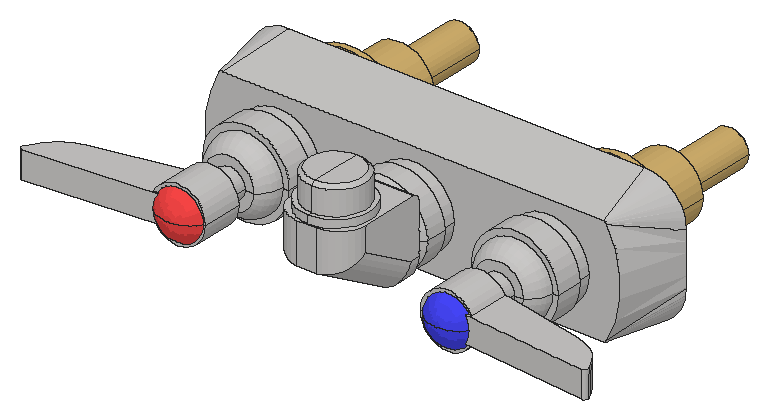
Revit family "QF_T&S_B-1115-LN", category Specialty Equipment, Revit 2012
Parameters
  Weight in Pounds = 0
  Watermarked By = "http://revitwatermark.com"
  Water Supply Radius = 1/4"  # constant formula
  URL Cutsheet = ""
  URL = "http://www.tsbrass.com/"
  Specification by User = ""
  Specification by Manufacturer = ""
  Serial Number = ""
  Seismic Rating = ""
  SMACNA No = ""
  Revision Code = ""
  Product Page URL = "http://www.tsbrass.com/index.cfm?page=SearchProduct&ID=609"
  Product Documentation Link = ""
  Plumbing Remarks = "Pressure: 20 - 125 psi, Temperature: 40 °F - 140 °F, Flow Rate: 10.50 GPM @ 60 psi.  Outlet device &/or final configuration may reduce flow rate."
  NAFEM Spec ID Number = ""
  Model = "B-1115-LN"  # constant formula
  Masterspec = ""
  Manufacturer Phone = ""
  Manufacturer Fax = ""
  Manufacturer Email = ""
  Manufacturer Address = ""
  Manufacturer = "T&S Brass and Bronze Works, Inc."  # constant formula
  Item Number = ""
  Installed By = ""
  Identify Quantity as Lot = yes
  Hot Water Temperature = 140 °F
  Hot Water Size = Water Supply Radius * 2  # 1/2"
  Hot Water RI Height = 0"
  Hot Water Minimum Pressure = 20.00 psi
  Hot Water Maximum Pressure = 125.00 psi
  Hot Water Inlet Flow = 10.50 GPM
  Hot Water Flow = Hot Water Inlet Flow  # 10.50 GPM
  Hot Water Consumption = Hot Water Inlet Flow  # 10.50 GPM
  Hot Water Connection Height = 0"
  Furnished By = ""
  Foodservice Equipment Identifier = yes
  Faucet Material [instance] = QF_Metal-Stainless-Polished
  Description = "4'' Wall Mount Mixing Faucet With Chrome Plated Brass Body, Swivel Outlet (Less Nozzle), Compression Spindles, Lever Handles, 1/2'' NPT Male Inlets, Removable Brass Seats And Chrome Plated Escutcheon"  # constant formula
  Connector 2 Description = "Hot Water Inlet"
  Connector 1 Description = "Cold Water Inlet"
  Cold Water Temperature Recommended = 40 °F
  Cold Water Size = Water Supply Radius * 2  # 1/2"
  Cold Water RI Height = 0"
  Cold Water Minimum Pressure = 20.00 psi
  Cold Water Maximum Pressure = 125.00 psi
  Cold Water Inlet Flow = 10.50 GPM
  Cold Water Flow = Cold Water Inlet Flow  # 10.50 GPM
  Cold Water Consumption = "10.500 GPM"
  Cold Water Connection Height = 0"
  CSI MasterFormat = ""
  Assembly Code = ""
Reference planes (in)
  plane 1 "Center (Front/Back)": y = -1.09375
  plane 2: z = 0
  plane 3 "Center (Left/Right)": x = 1.46875
  plane 4: x = 5.6875
  plane 5: x = -2.75
  plane 6: y = 1.34375
  plane 7: z = 3.0625
  plane 8: y = 0.34375
  plane 9: x = -1.78125
  plane 10: x = 4.71875
  plane 11: y = -1.72086
Lines and regions (in)
  Masking region 1
    outline origin (0, -1.4375, 0) x (1, 0, 0) y (0, 1, 0)
      loop
        line (-1.78125, 2.78125) -> (-1.61062, 1.78125) -> (4.54812, 1.78125) -> (4.71875, 2.78125) -> (-1.78125, 2.78125)
      loop
        line (-2.67997, -0.28336) -> (-0.8614, -0.11384)
        arc (-0.8614, -0.11384) -> (-0.87438, -0.09423) -> (-0.88618, -0.07388) r 0.39992
        line (-0.88618, -0.07388) -> (-0.125, -0.07388) -> (-0.125, 0.53375) -> (-0.95426, 0.53375) -> (-2.17827, 0.27304)
        arc (-2.17827, 0.27304) -> (-2.47872, 0.13441) -> (-2.69028, -0.12001) r 0.75
        line (-2.69028, -0.12001) -> (-2.73149, -0.2009)
        arc (-2.73149, -0.2009) -> (-2.72906, -0.25671) -> (-2.67997, -0.28336) r 0.05671
      loop
        arc (5.61747, -0.28336) -> (5.66656, -0.25671) -> (5.66899, -0.2009) r 0.05671
        line (5.66899, -0.2009) -> (5.62778, -0.12001)
        arc (5.62778, -0.12001) -> (5.41622, 0.13441) -> (5.11577, 0.27304) r 0.75
        line (5.11577, 0.27304) -> (3.89176, 0.53375) -> (3.0625, 0.53375) -> (3.0625, -0.07388) -> (3.82368, -0.07388)
        arc (3.82368, -0.07388) -> (3.81188, -0.09423) -> (3.7989, -0.11384) r 0.39992
        line (3.7989, -0.11384) -> (5.61747, -0.28336)
  Masking region 2
    outline origin (0, -1.4375, 0) x (1, 0, 0) y (0, 1, 0)
      loop
        line (-0.18284, -0.07388) -> (-0.88618, -0.07388)
        arc (-0.88618, -0.07388) -> (-0.53451, -0.28337) -> (-0.18284, -0.07388) r 0.39992
      loop
        arc (3.12034, -0.07388) -> (3.47201, -0.28337) -> (3.82368, -0.07388) r 0.39992
        line (3.82368, -0.07388) -> (3.12034, -0.07388)
      loop
        line (-0.76041, 0.53375) -> (-0.30209, 0.53375) -> (-0.30209, 0.8708) -> (-0.16028, 0.8708)
        arc (-0.16028, 0.8708) -> (-0.03152, 1.00273) -> (0.0174, 1.18048) r 0.3692
        line (0.0174, 1.18048) -> (0.11221, 1.18048) -> (0.11221, 1.56757) -> (0.0752, 1.56757) -> (0.0752, 1.78125) -> (-1.1377, 1.78125) -> (-1.1377, 1.56757) -> (-1.17471, 1.56757) -> (-1.17471, 1.18048) -> (-1.0799, 1.18048)
        arc (-1.0799, 1.18048) -> (-1.03098, 1.00273) -> (-0.90222, 0.8708) r 0.3692
        line (-0.90222, 0.8708) -> (-0.76041, 0.8708) -> (-0.76041, 0.53375)
      loop
        line (3.69791, 0.53375) -> (3.69791, 0.8708) -> (3.83972, 0.8708)
        arc (3.83972, 0.8708) -> (3.96848, 1.00273) -> (4.0174, 1.18048) r 0.3692
        line (4.0174, 1.18048) -> (4.11221, 1.18048) -> (4.11221, 1.56757) -> (4.0752, 1.56757) -> (4.0752, 1.78125) -> (2.8623, 1.78125) -> (2.8623, 1.56757) -> (2.82529, 1.56757) -> (2.82529, 1.18048) -> (2.9201, 1.18048)
        arc (2.9201, 1.18048) -> (2.96902, 1.00273) -> (3.09778, 0.8708) r 0.3692
        line (3.09778, 0.8708) -> (3.23959, 0.8708) -> (3.23959, 0.53375) -> (3.69791, 0.53375)
      loop
        line (0.8623, 1.78125) -> (0.8623, 1.56757) -> (2.0752, 1.56757) -> (2.0752, 1.78125) -> (0.8623, 1.78125)
  Masking region 3
    outline origin (0, -1.4375, 0) x (1, 0, 0) y (0, 1, 0)
      loop
        line (-1.17471, 1.56757) -> (-1.17471, 1.18048) -> (0.11221, 1.18048) -> (0.11221, 1.56757) -> (-1.17471, 1.56757)
      loop
        line (2.82529, 1.56757) -> (2.82529, 1.18048) -> (4.11221, 1.18048) -> (4.11221, 1.56757) -> (2.82529, 1.56757)
      loop
        line (0.82808, 1.5625) -> (0.82808, 1.1875) -> (2.10786, 1.1875) -> (2.10786, 1.5625) -> (0.82808, 1.5625)
Dimensions and locks (in)
  plane 7 to level = 3 1/16"
  equal spacing: plane 5, plane 3 "Center (Left/Right)", plane 4
  plane 8 to plane 6 = 1"
  plane 5 to plane 4 = 8 7/16"  (x2)
  plane 9 to plane 10 = 6 1/2"
  nested 1 to level = 2 11/16"
  nested 1 to level = 5 5/16"
  plane 10 to plane 9 = 6 1/2"
  nested 2 to nested 2 = 2"
  plane 1 "Center (Front/Back)" to plane 6 = 2 7/16"
  aligned and locked: plane 2 to level
  aligned and locked: plane 3 "Center (Left/Right)" to nested 1
  aligned and locked: plane 3 "Center (Left/Right)" to nested 2
Automatic sketch dimensions
  Masking region 3 sketch curve to plane 6 = 1.60077"  (x2)
  plane 9 to Masking region 3 sketch curve = 0.60654"
  Masking region 3 sketch curve to Masking region 3 sketch curve = 1.28693"
  Masking region 3 sketch curve to plane 6 = 1 7/32"
  Masking region 3 sketch curve to plane 3 "Center (Left/Right)" = 0.64067"
  Masking region 3 sketch curve to plane 6 = 1 19/32"
  plane 3 "Center (Left/Right)" to Masking region 3 sketch curve = 0.63911"
  Masking region 3 sketch curve to Masking region 3 sketch curve = 0.71742"
  Masking region 3 sketch curve to plane 6 = 1.21368"  (x2)
  Masking region 3 sketch curve to plane 10 = 0.60654"
  Masking region 2 sketch curve to plane 6 = 1.60077"  (x3)
  plane 9 to Masking region 2 sketch curve = 0.60654"
  Masking region 2 sketch curve to Masking region 2 sketch curve = 0.03701"  (x3)
  Masking region 2 sketch curve to Masking region 2 sketch curve = 0.09482"  (x3)
  Masking region 2 sketch curve to Masking region 2 sketch curve = 0.17768"  (x4)
  Masking region 2 sketch curve to plane 8 = 1.85513"  (x2)
  plane 9 to Masking region 2 sketch curve = 0.89507"
  Masking region 2 sketch curve to Masking region 2 sketch curve = 0.14181"  (x4)
  Masking region 2 sketch curve to plane 6 = 1.59479"  (x4)
  Masking region 2 sketch curve to Masking region 2 sketch curve = 0.04966"  (x2)
  Masking region 2 sketch curve to Masking region 2 sketch curve = 0.35167"  (x2)
  Masking region 2 sketch curve to Masking region 2 sketch curve = 0.35899"  (x2)
  Masking region 2 sketch curve to plane 8 = 1.2475"  (x2)
  Masking region 2 sketch curve to Masking region 2 sketch curve = 0.45832"  (x2)
  Masking region 2 sketch curve to Masking region 2 sketch curve = 0.05781"  (x2)
  Masking region 2 sketch curve to plane 6 = 1.21368"  (x5)
  Masking region 2 sketch curve to plane 3 "Center (Left/Right)" = 0.60645"
  plane 3 "Center (Left/Right)" to Masking region 2 sketch curve = 0.60645"
  Masking region 2 sketch curve to Masking region 2 sketch curve = 0.75009"
  Masking region 2 sketch curve to Masking region 2 sketch curve = 0.02256"
  Masking region 2 sketch curve to plane 8 = 1.6647"  (x2)
  Masking region 2 sketch curve to Masking region 2 sketch curve = 0.33705"
  Masking region 2 sketch curve to Masking region 2 sketch curve = 0.21368"  (x3)
  Masking region 1 sketch curve to plane 6 = 0"
  Masking region 1 sketch curve to plane 9 = 0"
  Masking region 1 sketch curve to plane 10 = 0"
  Masking region 1 sketch curve to plane 9 = 0.24077"
  plane 1 "Center (Front/Back)" to Masking region 1 sketch curve = 0.07071"  (x2)
  Masking region 1 sketch curve to plane 9 = 0.39702"
  Masking region 1 sketch curve to plane 5 = 0.07003"
  Masking region 1 sketch curve to Masking region 1 sketch curve = 0.00099"  (x2)
  Masking region 1 sketch curve to plane 5 = 0.05972"
  Masking region 1 sketch curve to plane 5 = 0.01851"
  plane 8 to Masking region 1 sketch curve = 0"
  plane 9 to Masking region 1 sketch curve = 0.17063"
  Masking region 1 sketch curve to plane 1 "Center (Front/Back)" = 0.19"  (x2)
  plane 9 to Masking region 1 sketch curve = 0.82699"
  Masking region 1 sketch curve to Masking region 1 sketch curve = 0.06808"
  plane 1 "Center (Front/Back)" to Masking region 1 sketch curve = 0.45759"
  Masking region 1 sketch curve to Masking region 1 sketch curve = 0.02478"  (x2)
  Masking region 1 sketch curve to Masking region 1 sketch curve = 0.32689"  (x2)
  Masking region 1 sketch curve to Masking region 1 sketch curve = 0.40951"  (x2)
  plane 1 "Center (Front/Back)" to Masking region 1 sketch curve = 0.41763"
  plane 3 "Center (Left/Right)" to Masking region 1 sketch curve = 1 19/32"
  Masking region 1 sketch curve to Masking region 1 sketch curve = 0.41975"
  Masking region 1 sketch curve to plane 10 = 0.17063"
  plane 10 to Masking region 1 sketch curve = 0.24077"
  plane 10 to Masking region 1 sketch curve = 0.39702"
  Masking region 1 sketch curve to plane 4 = 0.07003"
  Masking region 1 sketch curve to plane 4 = 0.05972"
  Masking region 1 sketch curve to plane 4 = 0.01851"
  Masking region 1 sketch curve to Masking region 1 sketch curve = 0.03996"  (x2)
  plane 1 "Center (Front/Back)" to Masking region 1 sketch curve = 0.46376"  (x2)
  Masking region 1 sketch curve to Masking region 1 sketch curve = 0.08089"  (x2)
  Masking region 1 sketch curve to Masking region 1 sketch curve = 0.02575"  (x2)
Nested families (in)
  nested 1: "Swivel Outlet" at (0, -0.4375, 1.21484), Faucet Material <- "Faucet Material", type "Swivel Outlet"
    with Faucet Material QF_Metal-Stainless-Polished
  nested 2: "T&S_B-1115" at (0, 1.34375, -0.34375) x (1, 0, 0) z (0, -1, 0), Faucet Material <- "Faucet Material", type "T&S_B-1115"
    with Faucet Material QF_Metal-Stainless-Polished
Connectors (in)
  piping at (3.46875, 3.76019, 0), driven by "Water Supply Radius", driven by "Connector 1 Description"
    settings: on nested 2, index 1, connector radius 1/4", flow factor 0, pipe flow 0.00 GPM, pressure drop 0.00 psi, fitting loss kfactor 0, connector angle 0.00°, fixture units 0, engagement length 0", flow configuration 1, flow direction 1, fitting loss method 0, system type 20, joint type 0, gender type 0, connector reference index -1, connector utility 0, adjustable connector no, is connector primary yes, fitting loss table "", connector description "Cold Water Inlet"
  piping at (-0.53125, 3.76019, 0), driven by "Water Supply Radius", driven by "Connector 2 Description"
    settings: on nested 2, index 2, connector radius 1/4", flow factor 0, pipe flow 0.00 GPM, pressure drop 0.00 psi, fitting loss kfactor 0, connector angle 0.00°, fixture units 0, engagement length 0", flow configuration 1, flow direction 1, fitting loss method 0, system type 19, joint type 0, gender type 0, connector reference index -1, connector utility 0, adjustable connector no, is connector primary no, fitting loss table "", connector description "Hot Water Inlet"
Definition of nested family "Swivel Outlet"
  Parameters (values of type "Swivel Outlet")
    Weight in Pounds = 0
    Watermarked By = "http://revitwatermark.com"
    Water Supply Radius = 1/4"  # constant formula
    URL Cutsheet = ""
    URL = "http://www.tsbrass.com/"
    Spray Valve Flow Rate = 1.42 GPM
    Specification by User = ""
    Specification by Manufacturer = ""
    Serial Number = ""
    Seismic Rating = ""
    SMACNA No = ""
    Revision Code = ""
    Product Page URL = "http://www.tsbrass.com/index.cfm?page=SearchProduct&ID=609"
    Product Documentation Link = ""
    Plumbing Remarks = "Pressure: 20 - 125 psi, Temperature: 40 F - 160 F, Flow Rate: 1.42 GPM @ 60 psi"
    NAFEM Spec ID Number = ""
    Model = ""
    Masterspec = ""
    Manufacturer Phone = ""
    Manufacturer Fax = ""
    Manufacturer Email = ""
    Manufacturer Address = ""
    Manufacturer = "T&S Brass and Bronze Works, Inc."  # constant formula
    Item Number = ""
    Installed By = ""
    Identify Quantity as Lot = yes
    Hot Water Temperature = 140 °F
    Hot Water Size = Water Supply Radius * 2  # 1/2"
    Hot Water RI Height = 0"
    Hot Water Minimum Pressure = 20.00 psi
    Hot Water Maximum Pressure = 125.00 psi
    Hot Water Inlet Flow = 1.42 GPM
    Hot Water Flow = Hot Water Inlet Flow  # 1.42 GPM
    Hot Water Consumption = Hot Water Inlet Flow  # 1.42 GPM
    Hot Water Connection Height = 0"
    Furnished By = ""
    Foodservice Equipment Identifier = yes
    Faucet Material [instance] = Metal-T&S Brass-Chrome Plated Brass
    Description = ""
    Connector 2 Description = "Hot Water Inlet"
    Connector 1 Description = "Cold Water Inlet"
    Cold Water Temperature Recommended = 40 °F
    Cold Water Size = Water Supply Radius * 2  # 1/2"
    Cold Water RI Height = 0"
    Cold Water Minimum Pressure = 20.00 psi
    Cold Water Maximum Pressure = 125.00 psi
    Cold Water Inlet Flow = 1.42 GPM
    Cold Water Flow = Cold Water Inlet Flow  # 1.42 GPM
    Cold Water Consumption = "1.420 GPM"
    Cold Water Connection Height = 0"
    CSI MasterFormat = ""
    Assembly Code = ""
  Reference planes (in)
    plane 1 "Center (Front/Back)": y = -0.65625
    plane 2: z = 0
    plane 3 "Center (Left/Right)": x = 1.46875
    plane 4: z = 4.09766
    plane 5: z = -1.21484
    plane 6: z = 1.47266
    plane 7: y = 0.1875
  Forms (in)
    Revolve 1, solid, material "Metal-T&S Brass-Chrome Plated Brass" <- "Faucet Material"
      sketch origin (1.46875, 17.07287, 0.85199) x (0, 1, 0) y (0, 0, 1)
        loop
          line (-18.17091, -1.32188) -> (-18.2418, -1.32188) -> (-18.2418, -1.43865) -> (-17.72912, -1.43865) -> (-17.72912, -0.91401) -> (-18.11583, -0.91401) -> (-18.17091, -0.96908) -> (-18.17091, -1.32188)
        axis (-17.72912, -0.91401) -> (-17.72912, -1.43865)
      angle from 0 to 360
    Extrusion 2, solid, material "Metal-T&S Brass-Chrome Plated Brass" <- "Faucet Material"
      sketch origin (1.46875, -0.1799, 0) x (0, 1, 0) y (0, 0, 1)
        loop
          line (-1.00861, -1.19118) -> (0.12042, -1.84302) -> (0.3674, -1.84302) -> (0.3674, -0.67393)
          arc (0.3674, -0.67393) -> (0.34184, -0.61222) -> (0.28013, -0.58666) r 0.08727
          line (0.28013, -0.58666) -> (-1.00861, -0.58666) -> (-1.00861, -1.19118)
      from -0.55469 to 0.55282
    Sweep 3, void
      path origin (2.02157, -0.1799, 0) x (0, 1, 0) y (0, 0, 1)
        loop
          line (-1.00861, -0.58666) -> (-1.00861, -1.19118) -> (0.12042, -1.84302) -> (0.73333, -1.84302)
      profile origin (2.02157, -1.18851, -0.88892) x (1, 0, 0) y (0, 1, 0)
        loop
          line (0, 0) -> (0, 0.408)
          arc (0, 0.408) -> (-0.1195, 0.1195) -> (-0.408, 0) r 0.408
          line (-0.408, 0) -> (0, 0)
    Revolve 4, solid, material "Metal-T&S Brass-Chrome Plated Brass" <- "Faucet Material"
      sketch origin (0, 0, -1.21484) x (1, 0, 0) y (0, 1, 0)
        loop
          line (0.82808, 0.5625) -> (0.82808, 0.24788) -> (0.88845, 0.1875) -> (1.46875, 0.1875) -> (1.46875, 0.5625) -> (0.82808, 0.5625)
        axis (1.46875, 0.5625) -> (1.46875, 0.1875)
      angle from 0 to 360
    Sweep 5, void
      path origin (0.91406, -0.1799, 0) x (0, 1, 0) y (0, 0, 1)
        loop
          line (-1.00861, -0.58666) -> (-1.00861, -1.19118) -> (0.12042, -1.84302) -> (0.73333, -1.84302)
      profile origin (0.91406, -1.18851, -0.88892) x (1, 0, 0) y (0, 1, 0)
        loop
          line (0, 0) -> (0.408, 0)
          arc (0.408, 0) -> (0.1195, 0.1195) -> (0, 0.408) r 0.408
          line (0, 0.408) -> (0, 0)
  Cuts and joins
    Sweep 3, Sweep 5 cuts Extrusion 2
  Lines and regions (in)
    Masking region 1
      outline origin (0, 0, 0) x (1, 0, 0) y (0, 1, 0)
        loop
          line (0.82808, 0.5625) -> (0.82808, 0.24788) -> (2.10942, 0.24788) -> (2.10942, 0.5625) -> (0.82808, 0.5625)
        loop
          line (0.91406, 0.1875) -> (0.91406, -0.78051)
          arc (0.91406, -0.78051) -> (1.03356, -1.06901) -> (1.32206, -1.18851) r 0.408
          line (1.32206, -1.18851) -> (1.61357, -1.18851)
          arc (1.61357, -1.18851) -> (1.90207, -1.06901) -> (2.02157, -0.78051) r 0.408
          line (2.02157, -0.78051) -> (2.02157, 0.1875) -> (0.91406, 0.1875)
        loop
          circle (1.46875, -0.65625) r 0.51268
    Masking region 2
      outline origin (0, 0, 0) x (1, 0, 0) y (0, 1, 0)
        loop
          line (0.82808, 0.24788) -> (0.88845, 0.1875) -> (2.04905, 0.1875) -> (2.10942, 0.24788) -> (0.82808, 0.24788)
        loop
          circle (1.46875, -0.65625) r 0.44273
  Dimensions and locks (in)
    plane 4 to level = 4 25/256"
    plane 4 to plane 5 = 5 5/16"
    plane 6 to plane 5 = 2 11/16"
    aligned and locked: plane 2 to level
Definition of nested family "T&S_B-1115"
  Parameters (values of type "T&S_B-1115")
    Weight in Pounds = 0
    Watermarked By = "http://revitwatermark.com"
    Water Supply Radius = 1/4"  # constant formula
    URL Cutsheet = ""
    URL = "http://www.tsbrass.com/"
    Spray Valve Flow Rate = 1.42 GPM
    Specification by User = ""
    Specification by Manufacturer = ""
    Serial Number = ""
    Seismic Rating = ""
    SMACNA No = ""
    Revision Code = ""
    Product Page URL = "http://www.tsbrass.com/index.cfm?page=SearchProduct&ID=609"
    Product Documentation Link = ""
    Plumbing Remarks = "Pressure: 20 - 125 psi, Temperature: 40 F - 160 F, Flow Rate: 1.42 GPM @ 60 psi"
    NAFEM Spec ID Number = ""
    Model = ""
    Masterspec = ""
    Manufacturer Phone = ""
    Manufacturer Fax = ""
    Manufacturer Email = ""
    Manufacturer Address = ""
    Manufacturer = "T&S Brass and Bronze Works, Inc."  # constant formula
    Item Number = ""
    Installed By = ""
    Identify Quantity as Lot = yes
    Hot Water Temperature = 140 °F
    Hot Water Size = Water Supply Radius * 2  # 1/2"
    Hot Water RI Height = 0"
    Hot Water Minimum Pressure = 20.00 psi
    Hot Water Maximum Pressure = 125.00 psi
    Hot Water Inlet Flow = 1.42 GPM
    Hot Water Flow = Hot Water Inlet Flow  # 1.42 GPM
    Hot Water Consumption = Hot Water Inlet Flow  # 1.42 GPM
    Hot Water Connection Height = 0"
    Furnished By = ""
    Foodservice Equipment Identifier = yes
    Faucet Material [instance] = Metal-T&S Brass-Chrome Plated Brass
    Description = ""
    Connector 2 Description = "Hot Water Inlet"
    Connector 1 Description = "Cold Water Inlet"
    Cold Water Temperature Recommended = 40 °F
    Cold Water Size = Water Supply Radius * 2  # 1/2"
    Cold Water RI Height = 0"
    Cold Water Minimum Pressure = 20.00 psi
    Cold Water Maximum Pressure = 125.00 psi
    Cold Water Inlet Flow = 1.42 GPM
    Cold Water Flow = Cold Water Inlet Flow  # 1.42 GPM
    Cold Water Consumption = "1.420 GPM"
    Cold Water Connection Height = 0"
    CSI MasterFormat = ""
    Assembly Code = ""
  Reference planes (in)
    plane 1 "Center (Front/Back)": y = -0.65625
    plane 2: z = 0
    plane 3 "Center (Left/Right)": x = 1.46875
    plane 4: x = 5.6875
    plane 5: x = -2.75
    plane 6: y = 1.34375
    plane 7: z = 3.0625
    plane 8: y = 0.34375
    plane 9: x = -1.78125
    plane 10: x = 4.71875
    plane 11: x = -0.53125
    plane 12: x = 3.46875
  Forms (in)
    Revolve 1, solid, material "Metal-T&S Brass-Chrome Plated Brass" <- "Faucet Material"
      sketch origin (1.46875, 0.34375, -0.5275) x (-1, 0, 0) y (0, 0, 1)
        loop
          line (2, 2.775) -> (2, 1.5275) -> (2.60645, 1.5275) -> (2.60645, 1.74118) -> (2.64346, 1.74118) -> (2.64346, 2.12827) -> (2.54865, 2.12827)
          arc (2.54865, 2.12827) -> (2.49764, 2.30482) -> (2.37097, 2.43795) r 0.3871
          line (2.37097, 2.43795) -> (2.22916, 2.43795) -> (2.22916, 2.775) -> (2, 2.775)
        axis (2, 2.775) -> (2, 1.5275)
      angle from 0 to 360
    Revolve 2, solid, material "Metal-T&S Brass-Chrome Plated Brass" <- "Faucet Material"
      sketch origin (1.46875, 0.34375, -0.5275) x (1, 0, 0) y (0, 0, 1)
        loop
          line (2, 2.775) -> (2, 1.5275) -> (2.60645, 1.5275) -> (2.60645, 1.74118) -> (2.64346, 1.74118) -> (2.64346, 2.12827) -> (2.54865, 2.12827)
          arc (2.54865, 2.12827) -> (2.49764, 2.30482) -> (2.37097, 2.43795) r 0.3871
          line (2.37097, 2.43795) -> (2.22916, 2.43795) -> (2.22916, 2.775) -> (2, 2.775)
        axis (2, 2.775) -> (2, 1.5275)
      angle from 0 to 360
    Revolve 3, solid, material "QF_Metal-Brass", detail levels fine
      sketch origin (1.61204, 0.34375, -2.07558) x (-1, 0, 0) y (0, 0, 1)
        loop
          line (2.14329, 1.82558) -> (2.14329, -0.34087) -> (2.37436, -0.34087) -> (2.41565, -0.29958) -> (2.41684, 0.82946) -> (2.6462, 0.82946) -> (2.6462, 1.42783) -> (2.57315, 1.42783) -> (2.57315, 1.46758) -> (2.68059, 1.46758) -> (2.68059, 1.72564) -> (2.982, 1.72564) -> (2.982, 1.82558) -> (2.14329, 1.82558)
        axis (2.14329, -0.34087) -> (2.14329, 1.82558)
      angle from 0 to 360
    Revolve 4, solid, material "Metal-T&S Brass-Chrome Plated Brass" <- "Faucet Material", detail levels fine
      sketch origin (1.61204, 0.34375, -2.07558) x (-1, 0, 0) y (0, 0, 1)
        loop
          line (2.56564, 1.82558) -> (2.56564, 2.07558) -> (2.14329, 2.07558) -> (2.14329, 1.82558) -> (2.56564, 1.82558)
        axis (2.14329, 1.82558) -> (2.14329, 2.07558)
      angle from 0 to 360
    Blend 5, solid, material "Metal-T&S Brass-Chrome Plated Brass" <- "Faucet Material"
      base sketch origin (0, 0, 0) x (1, 0, 0) y (0, 1, 0)
        loop
          arc (-1.17187, 1.34375) -> (-1.60277, 1.16527) -> (-1.78125, 0.73437) r 0.60938
          line (-1.78125, 0.73437) -> (-1.78125, -0.04688)
          arc (-1.78125, -0.04688) -> (-1.60277, -0.47777) -> (-1.17187, -0.65625) r 0.60938
          line (-1.17187, -0.65625) -> (4.10938, -0.65625)
          arc (4.10938, -0.65625) -> (4.54027, -0.47777) -> (4.71875, -0.04688) r 0.60938
          line (4.71875, -0.04688) -> (4.71875, 0.73437)
          arc (4.71875, 0.73437) -> (4.54027, 1.16527) -> (4.10938, 1.34375) r 0.60938
          line (4.10938, 1.34375) -> (-1.17187, 1.34375)
      top sketch origin (0, 0, 0) x (1, 0, 0) y (0, 1, 0)
        loop
          arc (-1.3551, 1.14601) -> (-1.38916, 1.13669) -> (-1.41374, 1.11132) r 0.0669
          arc (-1.41374, 1.11132) -> (-1.61062, 0.34373) -> (-1.41359, -0.42382) r 1.59412
          arc (-1.41359, -0.42382) -> (-1.3892, -0.44899) -> (-1.35539, -0.45824) r 0.06641
          line (-1.35539, -0.45824) -> (4.29289, -0.45824)
          arc (4.29289, -0.45824) -> (4.3267, -0.44899) -> (4.35109, -0.42382) r 0.06641
          arc (4.35109, -0.42382) -> (4.54812, 0.34388) -> (4.35109, 1.11158) r 1.59412
          arc (4.35109, 1.11158) -> (4.3267, 1.13676) -> (4.29289, 1.14601) r 0.06641
          line (4.29289, 1.14601) -> (-1.3551, 1.14601)
      from 0 to 1
    Revolve 6, solid, material "Metal-T&S Brass-Chrome Plated Brass" <- "Faucet Material"
      sketch origin (2.04349, 0.34375, -0.51657) x (-1, 0, 0) y (0, 0, 1)
        loop
          line (0.57474, 2.16096) -> (0.57474, 1.51657) -> (1.18119, 1.51657) -> (1.18119, 1.73025) -> (1.08534, 1.73025) -> (1.08534, 2.10935) -> (1.03373, 2.16096) -> (0.57474, 2.16096)
        axis (0.57474, 2.16096) -> (0.57474, 1.51657)
      angle from 0 to 360
    Revolve 7, solid, material "QF_Metal-Brass", detail levels fine
      sketch origin (1.32546, 0.34375, -2.07558) x (1, 0, 0) y (0, 0, 1)
        loop
          line (2.14329, 1.82558) -> (2.14329, -0.34087) -> (2.37436, -0.34087) -> (2.41565, -0.29958) -> (2.41684, 0.82946) -> (2.6462, 0.82946) -> (2.6462, 1.42783) -> (2.57315, 1.42783) -> (2.57315, 1.46758) -> (2.68059, 1.46758) -> (2.68059, 1.72564) -> (2.982, 1.72564) -> (2.982, 1.82558) -> (2.14329, 1.82558)
        axis (2.14329, -0.34087) -> (2.14329, 1.82558)
      angle from 0 to 360
    Revolve 8, solid, material "Metal-T&S Brass-Chrome Plated Brass" <- "Faucet Material", detail levels fine
      sketch origin (1.32546, 0.34375, -2.07558) x (1, 0, 0) y (0, 0, 1)
        loop
          line (2.56564, 1.82558) -> (2.56564, 2.07558) -> (2.14329, 2.07558) -> (2.14329, 1.82558) -> (2.56564, 1.82558)
        axis (2.14329, 1.82558) -> (2.14329, 2.07558)
      angle from 0 to 360
  Lines and regions (in)
    symbolic lines
      curve 1: arc (-1.78125, 0.73437, 0) -> (-1.60277, 1.16527, 0) -> (-1.17187, 1.34375, 0) r 0.60938
      curve 2: line (-1.17187, 1.34375, 0) -> (4.10938, 1.34375, 0)
      curve 3: arc (-1.17187, -0.65625, 0) -> (-1.60277, -0.47777, 0) -> (-1.78125, -0.04688, 0) r 0.60938
      curve 4: line (-1.78125, 0.73437, 0) -> (-1.78125, 0.51099, 0)
      curve 5: line (4.10938, -0.65625, 0) -> (-1.17187, -0.65625, 0)
      curve 6: line (-1.78125, 0.17651, 0) -> (-1.78125, -0.04688, 0)
      curve 7: arc (-1.41374, 1.11132, 0) -> (-1.53682, 0.8233, 0) -> (-1.60122, 0.51678, 0) r 1.59412
      curve 8: arc (-1.3551, 1.14601, 0) -> (-1.38916, 1.13669, 0) -> (-1.41374, 1.11132, 0) r 0.0669
      curve 9: line (4.2926, 1.14601, 0) -> (-1.3551, 1.14601, 0)
      curve 10: line (-1.35539, -0.45824, 0) -> (4.29289, -0.45824, 0)
      curve 11: arc (-1.41359, -0.42382, 0) -> (-1.3892, -0.44899, 0) -> (-1.35539, -0.45824, 0) r 0.06641
      curve 12: arc (-1.60119, 0.17072, 0) -> (-1.53674, -0.13581, 0) -> (-1.41359, -0.42382, 0) r 1.59412
      curve 13: arc (4.71875, 0.73437, 0) -> (4.54027, 1.16527, 0) -> (4.10938, 1.34375, 0) r 0.60938
      curve 14: arc (4.10938, -0.65625, 0) -> (4.54027, -0.47777, 0) -> (4.71875, -0.04688, 0) r 0.60938
      curve 15: line (4.71875, 0.73437, 0) -> (4.71875, 0.51099, 0)
      curve 16: line (4.71875, 0.17651, 0) -> (4.71875, -0.04688, 0)
      curve 17: arc (4.35124, 1.11132, 0) -> (4.47432, 0.8233, 0) -> (4.53872, 0.51678, 0) r 1.59412
      curve 18: arc (4.2926, 1.14601, 0) -> (4.32666, 1.13669, 0) -> (4.35124, 1.11132, 0) r 0.0669
      curve 19: arc (4.35109, -0.42382, 0) -> (4.3267, -0.44899, 0) -> (4.29289, -0.45824, 0) r 0.06641
      curve 20: arc (4.53869, 0.17072, 0) -> (4.47424, -0.13581, 0) -> (4.35109, -0.42382, 0) r 1.59412
      curve 21: arc (-1.11091, 0.53253, 0) -> (-0.04712, 0.34375, 0) -> (-1.11091, 0.15497, 0) r 0.54865
      curve 22: arc (-1.21316, 0.52924, 0) -> (0.04889, 0.34375, 0) -> (-1.21316, 0.15826, 0) r 0.64466
      curve 23: arc (4.04841, 0.53253, 0) -> (2.98462, 0.34375, 0) -> (4.04841, 0.15497, 0) r 0.54865
      curve 24: arc (4.15066, 0.52924, 0) -> (2.88861, 0.34375, 0) -> (4.15066, 0.15826, 0) r 0.64466
      curve 25: circle (1.46875, 0.34375, 0) r 0.51061 normal (0, 0, 1)
      curve 26: circle (1.46875, 0.34375, 0) r 0.60645 normal (0, 0, 1)
      curve 27: line (-0.87889, 0.53998, 0) -> (-2.75, 0.47987, 0)
      curve 28: line (-2.75, 0.47987, 0) -> (-2.75, 0.20763, 0)
      curve 29: line (-0.87889, 0.14752, 0) -> (-2.75, 0.20763, 0)
      curve 30: line (-0.87889, 0.53998, 0) -> (-0.87889, 0.14752, 0)
      curve 31: line (3.81639, 0.53998, 0) -> (5.6875, 0.47987, 0)
      curve 32: line (5.6875, 0.47987, 0) -> (5.6875, 0.20763, 0)
      curve 33: line (3.81639, 0.14752, 0) -> (5.6875, 0.20763, 0)
      curve 34: line (3.81639, 0.53998, 0) -> (3.81639, 0.14752, 0)
      curve 35: arc (-0.94442, 0.14962, 0) -> (-0.19671, 0.34375, 0) -> (-0.94442, 0.53788, 0) r 0.39906
      curve 36: arc (3.88192, 0.14962, 0) -> (3.13421, 0.34375, 0) -> (3.88192, 0.53788, 0) r 0.39906
  Dimensions and locks (in)
    plane 7 to level = 3 1/16"  (x2)
    equal spacing: plane 5, plane 3 "Center (Left/Right)", plane 4
    equal spacing: plane 1 "Center (Front/Back)", plane 8, plane 6
    plane 5 to plane 4 = 8 7/16"
    plane 1 "Center (Front/Back)" to plane 6 = 2"
    plane 9 to plane 10 = 6 1/2"
    plane 12 to plane 11 = 4"
    aligned and locked: plane 2 to level
  Automatic sketch dimensions
    curve 7 to curve 12 = 0"  (x2)
    curve 17 to curve 20 = 0"  (x2)
    curve 21 to curve 22 = 0"  (x2)
    curve 21 to curve 35 = 0"  (x2)
    curve 22 to curve 35 = 0"  (x2)
    curve 23 to curve 24 = 0"  (x2)
    curve 23 to curve 36 = 0"  (x2)
    curve 24 to curve 36 = 0"  (x2)
    curve 25 to curve 26 = 0"  (x2)
    curve 28 to plane 5 = 0"
    curve 6 to plane 9 = 0"
    curve 1 to plane 9 = 0"
    plane 1 "Center (Front/Back)" to curve 3 = 0"
    curve 2 to plane 6 = 0"
    curve 21 to plane 8 = 0"
    curve 26 to plane 3 "Center (Left/Right)" = 0"
    curve 24 to plane 8 = 0"
    curve 15 to plane 10 = 0"
    curve 14 to plane 10 = 0"
    curve 32 to plane 4 = 0"
    curve 25 to plane 8 = 0"
    plane 9 to curve 7 = 0.18003"
    plane 9 to curve 12 = 0.18006"
    plane 9 to curve 8 = 0.36751"
    curve 7 to curve 8 = 0"
    plane 9 to curve 11 = 0.36766"
    curve 12 to curve 11 = 0"
    curve 12 to curve 11 = 0.0582"
    curve 7 to curve 8 = 0.05864"
    curve 22 to plane 8 = 0.18549"
    curve 12 to curve 22 = 0.38803"
    plane 8 to curve 22 = 0.18549"
    curve 10 to curve 3 = 0.18352"
    curve 8 to curve 2 = 0.18322"
    curve 22 to curve 21 = 0.10225"  (x2)
    curve 21 to curve 35 = 0.16649"
    curve 35 to curve 29 = 0.06553"
    curve 21 to plane 11 = 0.06452"
    plane 8 to curve 7 = 0.00013"
    plane 11 to curve 7 = 0.51475"
    plane 8 to curve 17 = 0.00013"
    plane 12 to curve 17 = 0.51475"
    curve 24 to plane 12 = 0.06452"
    curve 23 to curve 34 = 0.28313"
    curve 33 to curve 36 = 0.06553"
    curve 31 to curve 36 = 0.06553"
    curve 36 to curve 23 = 0.16649"  (x2)
    curve 23 to curve 14 = 0.06096"
    curve 2 to plane 10 = 39/64"
    curve 23 to curve 24 = 0.10225"
    curve 2 to curve 18 = 0.18322"
    curve 14 to curve 19 = 0.18352"
    curve 19 to curve 20 = 0.0582"
    curve 19 to curve 20 = 0"
    curve 18 to curve 18 = 0.05864"
    curve 17 to curve 18 = 0"
    curve 20 to plane 8 = 0.17303"
    curve 20 to curve 16 = 0.18006"
    curve 33 to plane 8 = 0.19623"
    Revolve 1 sketch curve to plane 11 = 0"  (x2)
    plane 11 to Revolve 1 sketch curve = 0.16188"
    plane 11 to Revolve 1 sketch curve = 0.22916"
    Revolve 1 sketch curve to Revolve 1 sketch curve = 0.14181"
    Revolve 1 sketch curve to Revolve 1 sketch curve = 0.17768"
    Revolve 1 sketch curve to Revolve 1 sketch curve = 0.05781"
    Revolve 1 sketch curve to Revolve 1 sketch curve = 0.09482"
    Revolve 1 sketch curve to level = 1"
    Revolve 1 sketch curve to Revolve 1 sketch curve = 0.21368"
    Revolve 1 sketch curve to Revolve 1 sketch curve = 0.371"
    Revolve 1 sketch curve to Revolve 1 sketch curve = 0.01609"
    Revolve 1 sketch curve to Revolve 1 sketch curve = 0.33705"
    Revolve 1 sketch curve to Revolve 1 sketch curve = 0.21866"
    Revolve 1 sketch curve to Revolve 1 sketch curve = 0.10538"
    plane 12 to Revolve 2 sketch curve = 0"  (x2)
    Revolve 2 sketch curve to plane 12 = 0.16188"
    Revolve 2 sketch curve to plane 12 = 0.22916"
    Revolve 2 sketch curve to Revolve 2 sketch curve = 0.14181"
    Revolve 2 sketch curve to Revolve 2 sketch curve = 0.17768"
    Revolve 2 sketch curve to Revolve 2 sketch curve = 0.05781"
    Revolve 2 sketch curve to Revolve 2 sketch curve = 0.09482"
    level to Revolve 2 sketch curve = 1"
    Revolve 2 sketch curve to Revolve 2 sketch curve = 0.21368"
    Revolve 2 sketch curve to Revolve 2 sketch curve = 0.371"
    Revolve 2 sketch curve to Revolve 2 sketch curve = 0.01609"
    Revolve 2 sketch curve to Revolve 2 sketch curve = 0.33705"
    Revolve 2 sketch curve to Revolve 2 sketch curve = 0.21866"
    Revolve 2 sketch curve to Revolve 2 sketch curve = 0.10538"
    Revolve 3 sketch curve to plane 11 = 0"  (x2)
    plane 11 to Revolve 3 sketch curve = 0.23107"
    Revolve 3 sketch curve to Revolve 3 sketch curve = 0.04129"  (x2)
    plane 11 to Revolve 3 sketch curve = 0.27355"
    plane 11 to Revolve 3 sketch curve = 0.42987"
    Revolve 3 sketch curve to Revolve 3 sketch curve = 0.07305"
    Revolve 3 sketch curve to Revolve 3 sketch curve = 0.10744"
    Revolve 3 sketch curve to Revolve 3 sketch curve = 0.30141"
    level to Revolve 3 sketch curve = 2.41644"
    Revolve 3 sketch curve to Revolve 3 sketch curve = 1.12903"
    Revolve 3 sketch curve to Revolve 3 sketch curve = 0.59838"
    Revolve 3 sketch curve to Revolve 3 sketch curve = 0.03975"
    level to Revolve 3 sketch curve = 0.34994"
    Revolve 3 sketch curve to Revolve 3 sketch curve = 0.09994"
    Revolve 3 sketch curve to Revolve 3 sketch curve = 3/128"
    Revolve 3 sketch curve to level = 0.59857"
    Revolve 4 sketch curve to plane 11 = 0"  (x2)
    Revolve 4 sketch curve to level = 0"
    plane 11 to Revolve 4 sketch curve = 0.42235"
    level to Revolve 4 sketch curve = 29/128"
    level to Revolve 4 sketch curve = 1/4"
    Revolve 4 sketch curve to Revolve 4 sketch curve = 0.59857"
    Blend 5 sketch curve to plane 9 = 0"
    plane 1 "Center (Front/Back)" to Blend 5 sketch curve = 0"
    Blend 5 sketch curve to plane 6 = 0"
    Blend 5 sketch curve to plane 10 = 0"
    plane 9 to Blend 5 sketch curve = 39/64"
    plane 8 to Blend 5 sketch curve = 25/64"
    Blend 5 sketch curve to plane 10 = 39/64"  (x2)
    plane 9 to Blend 5 sketch curve = 0.36751"
    Blend 5 sketch curve to Blend 5 sketch curve = 0"  (x3)
    plane 9 to Blend 5 sketch curve = 0.36766"
    Blend 5 sketch curve to Blend 5 sketch curve = 0.0582"  (x3)
    Blend 5 sketch curve to Blend 5 sketch curve = 0.05864"
    plane 8 to Blend 5 sketch curve = 0.00013"  (x2)
    plane 11 to Blend 5 sketch curve = 0.51475"
    plane 12 to Blend 5 sketch curve = 0.51475"
    Blend 5 sketch curve to plane 10 = 0.42586"  (x2)
    Blend 5 sketch curve to plane 1 "Center (Front/Back)" = 0.19801"
    Revolve 6 sketch curve to plane 3 "Center (Left/Right)" = 0"  (x2)
    plane 3 "Center (Left/Right)" to Revolve 6 sketch curve = 0.45899"
    Revolve 6 sketch curve to Revolve 6 sketch curve = 0.05161"  (x2)
    Revolve 6 sketch curve to Revolve 6 sketch curve = 0.09585"
    Revolve 6 sketch curve to level = 1"
    Revolve 6 sketch curve to Revolve 6 sketch curve = 0.21368"
    Revolve 6 sketch curve to Revolve 6 sketch curve = 0.41747"
    Revolve 6 sketch curve to Revolve 6 sketch curve = 0.3791"
    plane 7 to Revolve 6 sketch curve = 0.54683"
    plane 12 to Revolve 7 sketch curve = 0"  (x2)
    Revolve 7 sketch curve to plane 12 = 0.23107"
    Revolve 7 sketch curve to Revolve 7 sketch curve = 0.04129"  (x2)
    Revolve 7 sketch curve to plane 12 = 0.27355"
    Revolve 7 sketch curve to plane 12 = 0.42987"
    Revolve 7 sketch curve to Revolve 7 sketch curve = 0.07305"
    Revolve 7 sketch curve to Revolve 7 sketch curve = 0.10744"
    Revolve 7 sketch curve to Revolve 7 sketch curve = 0.30141"
    Revolve 7 sketch curve to level = 2.41644"
    Revolve 7 sketch curve to Revolve 7 sketch curve = 1.12903"
    Revolve 7 sketch curve to Revolve 7 sketch curve = 0.59838"
    Revolve 7 sketch curve to Revolve 7 sketch curve = 0.03975"
    Revolve 7 sketch curve to level = 0.34994"
    Revolve 7 sketch curve to Revolve 7 sketch curve = 0.09994"
    Revolve 7 sketch curve to Revolve 7 sketch curve = 3/128"
    level to Revolve 7 sketch curve = 0.59857"
    plane 12 to Revolve 8 sketch curve = 0"  (x2)
    Revolve 8 sketch curve to level = 0"
    Revolve 8 sketch curve to plane 12 = 0.42235"
    Revolve 8 sketch curve to level = 29/128"
    Revolve 8 sketch curve to level = 1/4"
    Revolve 8 sketch curve to Revolve 8 sketch curve = 0.59857"
    radius of curve 25 = 0.51061"
    radius of curve 26 = 0.60645"
  Nested families (in)
    nested 1: "Handle-T&S-Lever" at (3.46875, 0.34375, 2.2475), type "Handle-T&S-Lever"
      with Handle Color Plastic-T&S Brass-Blue
    nested 2: "Handle-T&S-Lever" at (-0.53125, 0.34375, 2.2475) x (-1, 0, 0) z (0, 0, 1), type "Handle-T&S-Lever"
      with Handle Color Plastic-T&S Brass-Red
  Definition of nested family "Handle-T&S-Lever"
    Parameters (values of type "Handle-T&S-Lever")
      Watermarked By = "http://revitwatermark.com"
      Type Comments = "﻿﻿                    ﻿﻿  ​               ​                      ﻿               ﻿      ﻿     ﻿         ​​  ​​           ﻿                             ﻿             ​                  ﻿﻿                                         ﻿          ﻿         ​              ﻿   ​﻿     ﻿      ​​       ﻿              ﻿              ​                                       ﻿﻿"
      Keynote = "﻿﻿                    ﻿﻿  ​               ​                      ﻿               ﻿      ﻿     ﻿         ​​  ​​           ﻿                             ﻿             ​                  ﻿﻿                                         ﻿          ﻿         ​              ﻿   ​﻿     ﻿      ​​       ﻿              ﻿              ​                                       ﻿﻿"
      Handle Color [instance] = Plastic-T&S Brass-Blue
      Faucet Material = Metal-T&S Brass-Chrome Plated Brass
      Description = "﻿﻿                    ﻿﻿  ​               ​                      ﻿               ﻿      ﻿     ﻿         ​​  ​​           ﻿                             ﻿             ​                  ﻿﻿                                         ﻿          ﻿         ​              ﻿   ​﻿     ﻿      ​​       ﻿              ﻿              ​                                       ﻿﻿"
      Assembly Code = "﻿﻿                    ﻿﻿  ​               ​                      ﻿               ﻿      ﻿     ﻿         ​​  ​​           ﻿                             ﻿             ​                  ﻿﻿                                         ﻿          ﻿         ​              ﻿   ​﻿     ﻿      ​​       ﻿              ﻿              ​                                       ﻿﻿"
    Reference planes (in)
      plane 1 "Center (Front/Back)": y = 0
      plane 2: z = 0
      plane 3 "Center (Left/Right)": x = 0
      plane 4 "Top": z = 0.815
    Forms (in)
      Revolve 1, solid, material "Plastic-T&S Brass-Blue" <- "Handle Color"
        sketch origin (-4, 0, -2.81) x (1, 0, 0) y (0, 0, 1)
          loop
            line (4, 3.625) -> (4, 3.41763) -> (4.3654, 3.41763)
            arc (4.3654, 3.41763) -> (4.21125, 3.57163) -> (4, 3.625) r 0.41035
          axis (4, 3.625) -> (4, 3.41763)
        angle from 0 to 360
      Extrusion 2, solid, material "Metal-T&S Brass-Chrome Plated Brass" <- "Faucet Material"
        sketch origin (-4, 0, -2.81) x (1, 0, 0) y (0, 0, 1)
          loop
            line (4.19019, 3.44455) -> (4.19019, 2.81) -> (4.42301, 2.81) -> (5.64702, 3.07071)
            arc (5.64702, 3.07071) -> (5.94747, 3.20934) -> (6.15903, 3.46376) r 0.75
            line (6.15903, 3.46376) -> (6.20024, 3.54465)
            arc (6.20024, 3.54465) -> (6.19781, 3.60046) -> (6.14872, 3.62711) r 0.05671
            line (6.14872, 3.62711) -> (4.19019, 3.44455)
        from -0.19531 to 0.19531
      Revolve 3, solid, material "Metal-T&S Brass-Chrome Plated Brass" <- "Faucet Material"
        sketch origin (0, 0, 0) x (1, 0, 0) y (0, 0, 1)
          loop
            line (0, 0.60763) -> (0, 0) -> (0.40625, 0) -> (0.40625, 0.60763) -> (0, 0.60763)
          axis (0, 0) -> (0, 0.60763)
        angle from 0 to 360
    Lines and regions (in)
      Masking region 1, detail levels medium+fine
        outline origin (0, 0, 0.815) x (-1, 0, 0) y (0, -1, 0)
          loop
            arc (-0.34637, -0.19922) -> (0.39957, 0) -> (-0.34637, 0.19922) r 0.39957
            line (-0.34637, 0.19922) -> (-2.20859, 0.13419) -> (-2.20859, 0) -> (-2.20859, -0.13419) -> (-0.34637, -0.19922)
      symbolic lines, detail levels fine
        curve 1: line (0.19019, 0.19922, 0) -> (0.19019, -0.19922, 0)
        curve 2: line (0.34637, 0.19922, 0) -> (0.19019, 0.19922, 0)
        curve 3: line (0.19019, -0.19922, 0) -> (0.34637, -0.19922, 0)
    Dimensions and locks (in)
      Revolve 3 sketch curve to plane 3 "Center (Left/Right)" = 13/32"
      radius of Masking region 1 sketch curve = 0.39957"
      aligned and locked: plane 2 to level
      aligned and locked: plane 3 "Center (Left/Right)" to Revolve 3 sketch curve
